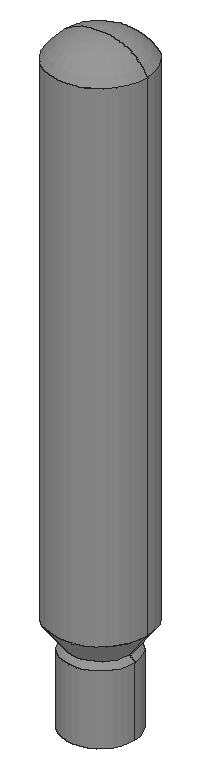
Revit family "cl", category Pipe Accessories, Revit 2013
Parameters (values of type "C")
  URL = "www.mifab.com"
  Model = "CL"
  Manufacturer = "Mifab"
  M.P.T Connection = 0' - 1"
  Length = 0' - 9"
  Material = Copper
  Diameter = 0' - 1 3/8"
  Description = "Piston Operated Water Hammer Arrestor"
  Assembly Code = ""
Types (8): name | M.P.T Connection | Length | Material | Diameter
  (no name) | 0' - 1" | 0' - 9" | Copper | 0' - 1 3/8"
  A | 0' - 0 1/2" | 0' - 6" | Metal-Watts-Copper | 0' - 1 1/8"
  B | 0' - 0 3/4" | 0' - 7 1/2" | Metal-Watts-Copper | 0' - 1 1/8"
  D | 0' - 1 1/4" | 0' - 10 1/2" | Metal-Watts-Copper | 0' - 1 5/8"
  E | 0' - 1 1/2" | 0' - 11 1/4" | Metal-Watts-Copper | 0' - 2 1/8"
  F | 0' - 2" | 1' - 1" | Metal-Watts-Copper | 0' - 2 5/8"
  C | 0' - 1" | 0' - 9" | Copper | 0' - 1 3/8"
  AA | 0' - 0 1/2" | 0' - 4 3/4" | Metal-Watts-Copper | 0' - 0 7/8"
Reference planes (in)
  plane 1 "Center (Front/Back)": y = 0
  plane 2: z = 0
  plane 3 "Center (Left/Right)": x = 0
  plane 4: x = -0.5
  plane 5: x = 0.5
  plane 6: z = 9
  plane 7: x = -0.6875
  plane 8: x = 0.6875
Forms (in)
  Revolve 1, solid, material "Copper" <- "Material"
    sketch origin (0.13533, 0, 0) x (1, 0, 0) y (0, 0, 1)
      loop
        line (-0.13533, 0) -> (0.36467, 0) -> (0.36467, 1) -> (0.28486, 1.07981) -> (0.55217, 1.42058) -> (0.55217, 8.63701)
        arc (0.55217, 8.63701) -> (0.25776, 8.91196) -> (-0.13533, 9) r 0.76776
        line (-0.13533, 9) -> (-0.13533, 0)
      axis (-0.13533, 9) -> (-0.13533, 0)
    angle from 0 to 360
Dimensions and locks (in)
  "Length": plane 6 to level
  equal spacing: plane 7, plane 3 "Center (Left/Right)", plane 8
  "Diameter": plane 7 to plane 8
  equal spacing: plane 5, plane 3 "Center (Left/Right)", plane 4
  "M.P.T Connection": plane 5 to plane 4
  aligned and locked: Revolve 1 sketch curve to plane 3 "Center (Left/Right)"
  aligned and locked: plane 5 to Revolve 1 sketch curve
  aligned and locked: Revolve 1 sketch curve to level
  aligned and locked: Revolve 1 sketch curve to plane 8
  aligned and locked: Revolve 1 sketch curve to Revolve 1 sketch curve
Automatic sketch dimensions
  Revolve 1 sketch curve to plane 6 = 0' - 0"
  Revolve 1 sketch curve to plane 5 = 0' - 0.07981"
  plane 3 "Center (Left/Right)" to Revolve 1 sketch curve = 0' - 0.03463"
  Revolve 1 sketch curve to Revolve 1 sketch curve = 0' - 1"
  Revolve 1 sketch curve to Revolve 1 sketch curve = 0' - 0.07981"
  Revolve 1 sketch curve to Revolve 1 sketch curve = 0' - 0.34077"
  Revolve 1 sketch curve to plane 6 = 0' - 0.36299"
  Revolve 1 sketch curve to level = 0' - 1 1/4"
  plane 6 to Revolve 1 sketch curve = 0' - 2"
Connectors (in)
  piping at (0, 0, 0)
    settings: on Revolve 1, index 1, connector radius 1/2", flow factor 0, pipe flow 0 GPM, pressure drop 0.00 psi, fitting loss kfactor 0, connector angle 0.00°, fixture units 0, engagement length 0' - 0", flow configuration 1, flow direction 1, fitting loss method 0, system type 29, joint type 0, gender type 0, connector reference index -1, connector utility 0, adjustable connector no, is connector primary yes, fitting loss table "", connector description "in"
